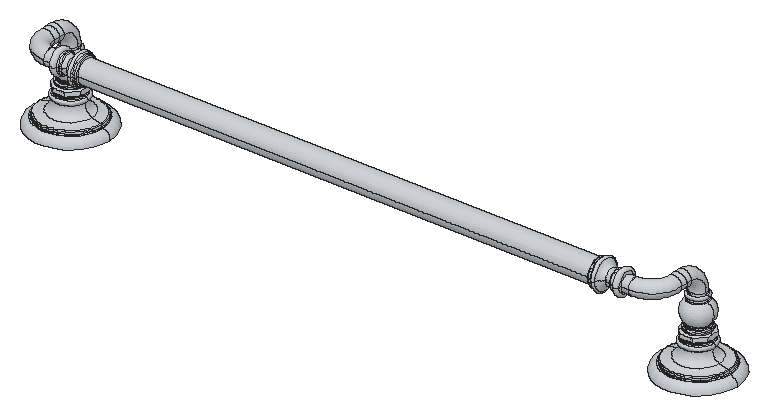
Revit family "Accessory-Towel_Bar-KOHLER-Artifacts-K-72568", category Specialty Equipment, host Face, Revit 2015 (continued)
Definition of nested family "K-72568"
  Automatic sketch dimensions
    Revolve 1 sketch curve to Revolve 1 sketch curve = 0.24157"
    Revolve 1 sketch curve to Revolve 1 sketch curve = 0.10532"
    Revolve 1 sketch curve to Revolve 1 sketch curve = 0.09192"
    Revolve 1 sketch curve to Revolve 1 sketch curve = 0.06202"
    Revolve 1 sketch curve to Revolve 1 sketch curve = 0.05268"
    Revolve 1 sketch curve to Revolve 1 sketch curve = 0.06456"
    Revolve 1 sketch curve to Revolve 1 sketch curve = 0.07587"
    Revolve 1 sketch curve to Revolve 1 sketch curve = 0.08347"
    Revolve 1 sketch curve to Revolve 1 sketch curve = 0.06131"
    Revolve 1 sketch curve to Revolve 1 sketch curve = 0.04276"
    Revolve 1 sketch curve to Revolve 1 sketch curve = 0.42407"
    Revolve 1 sketch curve to Revolve 1 sketch curve = 0.40824"
    Revolve 1 sketch curve to Revolve 1 sketch curve = 0.43783"
    Revolve 1 sketch curve to Revolve 1 sketch curve = 0.08395"
    Revolve 1 sketch curve to Revolve 1 sketch curve = 0.05126"
    Revolve 1 sketch curve to Revolve 1 sketch curve = 0"  (x4)
    Revolve 1 sketch curve to Revolve 1 sketch curve = 0.02262"
    level to Revolve 1 sketch curve = 0.1926"
    Sweep 2 sketch curve to plane 6 "B" = 0"
    plane 4 to Sweep 2 sketch curve = 0"
    plane 4 to Sweep 2 sketch curve = 211/256"
    Sweep 2 sketch curve to Sweep 2 sketch curve = 1/4"
    Sweep 2 sketch curve to Sweep 2 sketch curve = 0.3057"
    Sweep 2 sketch curve to profile plane = 0"  (x2)
    plane 4 to Revolve 3 sketch curve = 0"
    Revolve 3 sketch curve to plane 4 = 0.29625"
    Revolve 3 sketch curve to Revolve 3 sketch curve = 0.04499"
    Revolve 3 sketch curve to plane 4 = 0.34123"
    Revolve 3 sketch curve to Revolve 3 sketch curve = 0.07453"
    Revolve 3 sketch curve to Revolve 3 sketch curve = 0.02954"
    Revolve 3 sketch curve to Revolve 3 sketch curve = 0.01009"  (x2)
    Revolve 3 sketch curve to Revolve 3 sketch curve = 0.03018"  (x2)
    Revolve 3 sketch curve to plane 4 = 0.43409"
    Revolve 3 sketch curve to Revolve 3 sketch curve = 0.05281"  (x2)
    Revolve 3 sketch curve to Revolve 3 sketch curve = 0.02977"  (x2)
    Revolve 3 sketch curve to Revolve 3 sketch curve = 0.00746"  (x2)
    Revolve 3 sketch curve to Revolve 3 sketch curve = 0.13506"  (x2)
    Revolve 3 sketch curve to Revolve 3 sketch curve = 0.05903"  (x2)
    Revolve 3 sketch curve to Revolve 3 sketch curve = 0.05494"  (x2)
    plane 7 "C" to Revolve 3 sketch curve = 1.12992"
    Revolve 3 sketch curve to Revolve 3 sketch curve = 0.10662"
    Revolve 3 sketch curve to Revolve 3 sketch curve = 0.10636"  (x2)
    Revolve 3 sketch curve to Revolve 3 sketch curve = 0.1081"  (x2)
    Revolve 3 sketch curve to Revolve 3 sketch curve = 0.07388"
    Revolve 3 sketch curve to Revolve 3 sketch curve = 0.01339"  (x2)
    Revolve 3 sketch curve to Revolve 3 sketch curve = 0.34683"  (x2)
    Revolve 3 sketch curve to Revolve 3 sketch curve = 0.10942"  (x2)
    Revolve 3 sketch curve to Revolve 3 sketch curve = 0.08218"  (x2)
    Revolve 3 sketch curve to plane 6 "B" = 2.2126"
    Revolve 3 sketch curve to Revolve 3 sketch curve = 0.08727"
    Revolve 3 sketch curve to Revolve 3 sketch curve = 0.10614"
    Revolve 3 sketch curve to Revolve 3 sketch curve = 0.10769"  (x2)
    Revolve 3 sketch curve to Revolve 3 sketch curve = 0"  (x7)
    Revolve 3 sketch curve to Revolve 3 sketch curve = 0.0928"
    plane 1 "Center (Front/Back)" to Extrusion 4 sketch curve = 0"
    Extrusion 4 sketch curve to plane 6 "B" = 0"
    plane 6 "B" to Extrusion 4 sketch curve = 0.233"  (x2)
    Extrusion 4 sketch curve to plane 1 "Center (Front/Back)" = 0.233"  (x2)
    Extrusion 4 sketch curve to Extrusion 4 sketch curve = 0.3295"  (x4)
    Extrusion 4 sketch curve to plane 6 "B" = 0.233"  (x2)
    plane 1 "Center (Front/Back)" to Extrusion 4 sketch curve = 0.233"  (x2)
    Masking region 2 sketch curve to level = 0"
    Masking region 2 sketch curve to plane 5 = 0"
    Masking region 2 sketch curve to plane 1 "Center (Front/Back)" = 0"
    Masking region 2 sketch curve to plane 4 = 0"
    Masking region 2 sketch curve to plane 8 "A" = 0"
    plane 5 to Masking region 2 sketch curve = 0.18913"
    plane 5 to Masking region 2 sketch curve = 0.1897"
    plane 5 to Masking region 2 sketch curve = 0.28685"
    Masking region 2 sketch curve to Masking region 2 sketch curve = 0.31389"  (x2)
    Masking region 2 sketch curve to Masking region 2 sketch curve = 9/256"  (x2)
    Masking region 2 sketch curve to Masking region 2 sketch curve = 0.03045"  (x2)
    Masking region 2 sketch curve to Masking region 2 sketch curve = 0.3762"
    Masking region 2 sketch curve to Masking region 2 sketch curve = 0.32123"  (x2)
    Masking region 2 sketch curve to Masking region 2 sketch curve = 0.02674"  (x2)
    Masking region 2 sketch curve to Masking region 2 sketch curve = 0.02513"
    Masking region 2 sketch curve to Masking region 2 sketch curve = 0.0079"
    Masking region 2 sketch curve to Masking region 2 sketch curve = 0.04476"  (x2)
    Masking region 2 sketch curve to Masking region 2 sketch curve = 0.03174"  (x2)
    Masking region 2 sketch curve to Masking region 2 sketch curve = 0.01913"  (x2)
    Masking region 2 sketch curve to Masking region 2 sketch curve = 0.06266"
    Masking region 2 sketch curve to Masking region 2 sketch curve = 0.0077"  (x2)
    Masking region 2 sketch curve to Masking region 2 sketch curve = 0.02964"  (x2)
    Masking region 2 sketch curve to Masking region 2 sketch curve = 0.0311"
    Masking region 2 sketch curve to Masking region 2 sketch curve = 0.00814"
    Masking region 2 sketch curve to Masking region 2 sketch curve = 0.03611"  (x2)
    plane 1 "Center (Front/Back)" to Masking region 2 sketch curve = 0.4132"
    Masking region 2 sketch curve to Masking region 2 sketch curve = 1/32"  (x3)
    Masking region 2 sketch curve to Masking region 2 sketch curve = 15/256"  (x2)
    Masking region 2 sketch curve to Masking region 2 sketch curve = 0.00747"  (x2)
    Masking region 2 sketch curve to Masking region 2 sketch curve = 0.05104"
    plane 1 "Center (Front/Back)" to Masking region 2 sketch curve = 0.10942"
    Masking region 2 sketch curve to plane 1 "Center (Front/Back)" = 0.10942"
    Masking region 2 sketch curve to plane 1 "Center (Front/Back)" = 0.29625"
    Masking region 2 sketch curve to Masking region 2 sketch curve = 0.05089"
    Masking region 2 sketch curve to plane 1 "Center (Front/Back)" = 0.39368"
    Masking region 2 sketch curve to Masking region 2 sketch curve = 0.02797"
    Masking region 2 sketch curve to Masking region 2 sketch curve = 0.00145"
    Masking region 2 sketch curve to Masking region 2 sketch curve = 0.01179"
    Masking region 2 sketch curve to Masking region 2 sketch curve = 0.02383"
    Masking region 2 sketch curve to Masking region 2 sketch curve = 0.35109"
    Masking region 2 sketch curve to Masking region 2 sketch curve = 0.00319"
    Masking region 2 sketch curve to Masking region 2 sketch curve = 0.21286"
    Masking region 2 sketch curve to Masking region 2 sketch curve = 0.00812"
    plane 4 to Masking region 2 sketch curve = 0.68783"
    Masking region 2 sketch curve to Masking region 2 sketch curve = 0.13288"
    plane 4 to Masking region 2 sketch curve = 0.5056"  (x2)
    plane 8 "A" to Masking region 2 sketch curve = 0.29623"
    level to Masking region 2 sketch curve = 0.35339"  (x2)
    Masking region 2 sketch curve to Masking region 2 sketch curve = 0.05831"  (x2)
    Masking region 2 sketch curve to Masking region 2 sketch curve = 0.22284"  (x2)
    Masking region 2 sketch curve to Masking region 2 sketch curve = 0.24157"  (x2)
    Masking region 2 sketch curve to Masking region 2 sketch curve = 0.10532"  (x2)
    Masking region 2 sketch curve to Masking region 2 sketch curve = 0.09192"  (x2)
    Masking region 2 sketch curve to Masking region 2 sketch curve = 0.06202"  (x2)
    Masking region 2 sketch curve to Masking region 2 sketch curve = 0.05268"  (x2)
    Masking region 2 sketch curve to Masking region 2 sketch curve = 0.01367"  (x2)
    Masking region 2 sketch curve to Masking region 2 sketch curve = 0.18124"  (x2)
    Masking region 2 sketch curve to Masking region 2 sketch curve = 0.03618"  (x2)
    Masking region 2 sketch curve to Masking region 2 sketch curve = 0.06131"  (x2)
    Masking region 2 sketch curve to Masking region 2 sketch curve = 0.04276"  (x2)
    Masking region 2 sketch curve to Masking region 2 sketch curve = 0.37679"  (x2)
    Masking region 2 sketch curve to Masking region 2 sketch curve = 0.40824"
    Masking region 2 sketch curve to Masking region 2 sketch curve = 0"  (x11)
    Masking region 2 sketch curve to Masking region 2 sketch curve = 0.43783"  (x2)
    Masking region 2 sketch curve to Masking region 2 sketch curve = 0.08395"  (x2)
    Masking region 2 sketch curve to Masking region 2 sketch curve = 0.05126"  (x2)
    Masking region 2 sketch curve to Masking region 2 sketch curve = 0.08236"
    Masking region 2 sketch curve to Masking region 2 sketch curve = 0.08523"
    Masking region 2 sketch curve to Masking region 2 sketch curve = 0.02262"
    Masking region 2 sketch curve to Masking region 2 sketch curve = 0.00027"
    Revolve 5 sketch curve to level = 0"  (x2)
    plane 6 "B" to Revolve 5 sketch curve = 0"  (x2)
    Revolve 5 sketch curve to Revolve 5 sketch curve = 0.29529"
    Revolve 5 sketch curve to Revolve 5 sketch curve = 0.12965"
    Revolve 5 sketch curve to Revolve 5 sketch curve = 1.50093"
    Revolve 5 sketch curve to plane 8 "A" = 0.78472"
    Revolve 5 sketch curve to Revolve 5 sketch curve = 0.34794"
    Revolve 5 sketch curve to Revolve 5 sketch curve = 1/2"
    Revolve 7 sketch curve to level = 0"  (x2)
    plane 7 "C" to Revolve 7 sketch curve = 0"  (x2)
    Revolve 7 sketch curve to Revolve 7 sketch curve = 0.29529"
    Revolve 7 sketch curve to Revolve 7 sketch curve = 0.12965"
    Revolve 7 sketch curve to Revolve 7 sketch curve = 1.50093"
    plane 8 "A" to Revolve 7 sketch curve = 0.78472"
    Revolve 7 sketch curve to Revolve 7 sketch curve = 0.36863"
    Revolve 7 sketch curve to level = 1/2"
    Sweep 8 sketch curve to plane 8 "A" = 0"
    Sweep 8 sketch curve to plane 1 "Center (Front/Back)" = 0"
    Sweep 8 sketch curve to Sweep 8 sketch curve = 179/256"
    Sweep 8 sketch curve to Sweep 8 sketch curve = 0.0855"
    Sweep 8 sketch curve to Sweep 8 sketch curve = 0.22563"
    Sweep 8 sketch curve to plane 6 "B" = 0"
    Sweep 8 sketch curve to profile plane = 0"
    curve 134 to curve 135 = 0"  (x2)
    curve 132 to plane 4 = 0"
    curve 135 to plane 8 "A" = 0"
    curve 132 to curve 134 = 0.29623"
    curve 134 to curve 135 = 0.4028"
    curve 135 to curve 132 = 0.1028"
    curve 135 to curve 133 = 0.1028"
    Sweep 9 sketch curve to plane 8 "A" = 0"
    Sweep 9 sketch curve to plane 1 "Center (Front/Back)" = 0"
    Sweep 9 sketch curve to Sweep 9 sketch curve = 179/256"
    Sweep 9 sketch curve to Sweep 9 sketch curve = 0.0855"
    Sweep 9 sketch curve to Sweep 9 sketch curve = 0.22563"
    Sweep 9 sketch curve to plane 7 "C" = 0"
    Sweep 9 sketch curve to profile plane = 0"
    Sweep 10 sketch curve to plane 7 "C" = 0"
    plane 4 to Sweep 10 sketch curve = 0"
    Sweep 10 sketch curve to plane 4 = 211/256"
    Sweep 10 sketch curve to Sweep 10 sketch curve = 1/4"
    Sweep 10 sketch curve to Sweep 10 sketch curve = 0.3057"
    Sweep 10 sketch curve to plane 8 "A" = 0"
    Sweep 10 sketch curve to profile plane = 0"
    Revolve 11 sketch curve to level = 0"  (x2)
    plane 7 "C" to Revolve 11 sketch curve = 0"  (x2)
    Revolve 11 sketch curve to plane 7 "C" = 0.10942"
    Revolve 11 sketch curve to plane 7 "C" = 0.34714"
    Revolve 11 sketch curve to Revolve 11 sketch curve = 0.00747"
    Revolve 11 sketch curve to plane 7 "C" = 0.39368"
    Revolve 11 sketch curve to Revolve 11 sketch curve = 15/256"
    Revolve 11 sketch curve to Revolve 11 sketch curve = 1/32"  (x2)
    Revolve 11 sketch curve to Revolve 11 sketch curve = 0.02797"
    Revolve 11 sketch curve to Revolve 11 sketch curve = 0.03611"
    Revolve 11 sketch curve to Revolve 11 sketch curve = 0.00145"
    Revolve 11 sketch curve to Revolve 11 sketch curve = 0.0311"
    Revolve 11 sketch curve to Revolve 11 sketch curve = 0.0077"
    Revolve 11 sketch curve to Revolve 11 sketch curve = 0.01179"
    Revolve 11 sketch curve to Revolve 11 sketch curve = 0.04174"
    Revolve 11 sketch curve to Revolve 11 sketch curve = 0.00123"
    Revolve 11 sketch curve to Revolve 11 sketch curve = 0.04476"
    Revolve 11 sketch curve to Revolve 11 sketch curve = 0.02674"
    Revolve 11 sketch curve to Revolve 11 sketch curve = 0.09104"
    Revolve 11 sketch curve to Revolve 11 sketch curve = 0.32123"
    Revolve 11 sketch curve to Revolve 11 sketch curve = 0.21286"
    Revolve 11 sketch curve to Revolve 11 sketch curve = 0.03045"
    Revolve 11 sketch curve to Revolve 11 sketch curve = 0.00812"
    Revolve 11 sketch curve to Revolve 11 sketch curve = 9/256"
    Revolve 11 sketch curve to Revolve 11 sketch curve = 0.66683"
    Revolve 11 sketch curve to Revolve 11 sketch curve = 0.13288"
    Revolve 11 sketch curve to Revolve 11 sketch curve = 0.31389"
    Revolve 11 sketch curve to level = 0.35339"
    Revolve 11 sketch curve to Revolve 11 sketch curve = 0.05831"
    Revolve 11 sketch curve to Revolve 11 sketch curve = 0.22284"
    Revolve 11 sketch curve to Revolve 11 sketch curve = 0.24157"
    Revolve 11 sketch curve to Revolve 11 sketch curve = 0.10532"
    Revolve 11 sketch curve to Revolve 11 sketch curve = 0.09192"
    Revolve 11 sketch curve to Revolve 11 sketch curve = 0.06202"
    Revolve 11 sketch curve to Revolve 11 sketch curve = 0.05268"
    Revolve 11 sketch curve to Revolve 11 sketch curve = 0.06456"
    Revolve 11 sketch curve to Revolve 11 sketch curve = 0.07587"
    Revolve 11 sketch curve to Revolve 11 sketch curve = 0.08347"
    Revolve 11 sketch curve to Revolve 11 sketch curve = 0.06131"
    Revolve 11 sketch curve to Revolve 11 sketch curve = 0.04276"
    Revolve 11 sketch curve to Revolve 11 sketch curve = 0.42407"
    Revolve 11 sketch curve to Revolve 11 sketch curve = 0.40824"
    Revolve 11 sketch curve to Revolve 11 sketch curve = 0.43783"
    Revolve 11 sketch curve to Revolve 11 sketch curve = 0.08395"
    Revolve 11 sketch curve to Revolve 11 sketch curve = 0.05126"
    Revolve 11 sketch curve to Revolve 11 sketch curve = 0"  (x4)
    Revolve 11 sketch curve to Revolve 11 sketch curve = 0.02262"
    Revolve 11 sketch curve to level = 0.1926"
    plane 1 "Center (Front/Back)" to Extrusion 12 sketch curve = 0"
    Extrusion 12 sketch curve to plane 7 "C" = 0"
    plane 7 "C" to Extrusion 12 sketch curve = 0.233"  (x2)
    plane 1 "Center (Front/Back)" to Extrusion 12 sketch curve = 0.233"  (x2)
    Extrusion 12 sketch curve to Extrusion 12 sketch curve = 0.3295"  (x4)
    Extrusion 12 sketch curve to plane 7 "C" = 0.233"  (x2)
    Extrusion 12 sketch curve to plane 1 "Center (Front/Back)" = 0.233"  (x2)
    plane 1 "Center (Front/Back)" to Masking region 3 sketch curve = 0"
    Masking region 3 sketch curve to plane 7 "C" = 0"
    plane 7 "C" to Masking region 3 sketch curve = 0.82389"
    Masking region 3 sketch curve to Masking region 3 sketch curve = 0.00164"  (x2)
    Masking region 3 sketch curve to Masking region 3 sketch curve = 0.30603"
    Masking region 3 sketch curve to Masking region 3 sketch curve = 0.30439"
    Masking region 3 sketch curve to Masking region 3 sketch curve = 0.10662"  (x4)
    Masking region 3 sketch curve to Masking region 3 sketch curve = 0.10614"  (x4)
    Masking region 3 sketch curve to Masking region 3 sketch curve = 0.10636"  (x4)
    Masking region 3 sketch curve to Masking region 3 sketch curve = 0.1081"  (x4)
    Masking region 3 sketch curve to Masking region 3 sketch curve = 0.07388"  (x2)
    Masking region 3 sketch curve to Masking region 3 sketch curve = 0.01339"  (x4)
    Masking region 3 sketch curve to Masking region 3 sketch curve = 0.34683"  (x4)
    Masking region 3 sketch curve to Masking region 3 sketch curve = 0.10942"  (x4)
    Masking region 3 sketch curve to Masking region 3 sketch curve = 0.08218"  (x4)
    Masking region 3 sketch curve to Masking region 3 sketch curve = 0.02977"  (x4)
    plane 4 to Masking region 3 sketch curve = 0.43409"
    Masking region 3 sketch curve to plane 6 "B" = 2.2126"
    Masking region 3 sketch curve to Masking region 3 sketch curve = 0"  (x17)
    Masking region 3 sketch curve to Masking region 3 sketch curve = 0.08727"  (x2)
    Masking region 3 sketch curve to Masking region 3 sketch curve = 0.30445"
    Masking region 3 sketch curve to Masking region 3 sketch curve = 0.00138"
    Masking region 3 sketch curve to Masking region 3 sketch curve = 0.36203"
    plane 6 "B" to Masking region 3 sketch curve = 0.00029"
    Masking region 3 sketch curve to plane 1 "Center (Front/Back)" = 0.0002"
    plane 4 to Masking region 3 sketch curve = 0.82634"
    plane 4 to Masking region 3 sketch curve = 0.82554"
    Masking region 3 sketch curve to Masking region 3 sketch curve = 0.00408"
    plane 4 to Masking region 3 sketch curve = 0.60104"  (x2)
    Masking region 3 sketch curve to Masking region 3 sketch curve = 0.1416"  (x2)
    Masking region 3 sketch curve to Masking region 3 sketch curve = 0.05494"  (x4)
    Masking region 3 sketch curve to Masking region 3 sketch curve = 0.05157"  (x2)
    Masking region 3 sketch curve to Masking region 3 sketch curve = 0.05903"  (x3)
    Masking region 3 sketch curve to Masking region 3 sketch curve = 0.08257"
    Masking region 3 sketch curve to Masking region 3 sketch curve = 0.13506"  (x4)
    Masking region 3 sketch curve to Masking region 3 sketch curve = 0.03018"  (x4)
    Masking region 3 sketch curve to Masking region 3 sketch curve = 0.03963"  (x2)
    Masking region 3 sketch curve to Masking region 3 sketch curve = 0.07477"
    plane 4 to Masking region 3 sketch curve = 0.29529"
    Masking region 3 sketch curve to plane 4 = 0.29529"
    Masking region 3 sketch curve to plane 4 = 0.29626"
    Masking region 3 sketch curve to Masking region 3 sketch curve = 0.04595"
    Masking region 3 sketch curve to Masking region 3 sketch curve = 0.04497"
    Masking region 3 sketch curve to Masking region 3 sketch curve = 0.07451"
    Masking region 3 sketch curve to Masking region 3 sketch curve = 0.07549"
    Masking region 3 sketch curve to plane 4 = 0.43409"
    Masking region 3 sketch curve to Masking region 3 sketch curve = 0.05281"  (x2)
    Masking region 3 sketch curve to Masking region 3 sketch curve = 0.00746"  (x2)
    plane 7 "C" to Masking region 3 sketch curve = 0.3751"
    Masking region 3 sketch curve to plane 6 "B" = 0.37563"
    curve 68 to curve 69 = 0"  (x2)
    curve 93 to curve 94 = 0"  (x2)
    plane 1 "Center (Front/Back)" to curve 66 = 0"
    plane 1 "Center (Front/Back)" to curve 68 = 0"
    plane 1 "Center (Front/Back)" to curve 70 = 0"
    curve 70 to plane 6 "B" = 0"
    plane 1 "Center (Front/Back)" to curve 91 = 0"
    plane 1 "Center (Front/Back)" to curve 95 = 0"
    curve 95 to plane 7 "C" = 0"
    plane 1 "Center (Front/Back)" to curve 93 = 0"
    curve 67 to plane 1 "Center (Front/Back)" = 0"
    plane 6 "B" to curve 67 = 0.00004"
    curve 69 to curve 67 = 0"
    curve 66 to curve 68 = 0"
    plane 6 "B" to curve 73 = 0.233"
    plane 6 "B" to curve 64 = 0.29529"
    plane 1 "Center (Front/Back)" to curve 72 = 0.233"
    curve 72 to curve 66 = 0.26721"
    curve 79 to plane 1 "Center (Front/Back)" = 0.233"
    curve 79 to curve 67 = 0.26721"
    curve 78 to plane 6 "B" = 0.233"
    plane 1 "Center (Front/Back)" to curve 76 = 0.233"
    curve 66 to curve 76 = 0.2673"
    curve 82 to plane 1 "Center (Front/Back)" = 0.233"
    curve 67 to curve 82 = 0.2673"
    curve 65 to curve 109 = 0.32333"
    curve 109 to curve 108 = 0.19843"
    plane 7 "C" to curve 110 = 0.81696"
    curve 110 to curve 111 = 0.19843"
    plane 1 "Center (Front/Back)" to curve 100 = 0.233"
    plane 7 "C" to curve 100 = 9/16"
    curve 107 to plane 1 "Center (Front/Back)" = 0.233"
    curve 107 to curve 100 = 0"
    curve 90 to curve 95 = 0.2952"
    plane 7 "C" to curve 103 = 0.233"
    curve 92 to plane 1 "Center (Front/Back)" = 0"
    curve 92 to plane 7 "C" = 0.00004"
    curve 92 to curve 93 = 0"
    curve 93 to curve 91 = 0"
    curve 98 to plane 7 "C" = 0.233"
    plane 1 "Center (Front/Back)" to curve 97 = 0.233"
    curve 89 to curve 97 = 0.26721"
    curve 104 to plane 1 "Center (Front/Back)" = 0.233"
    curve 92 to curve 104 = 0.26721"
    curve 98 to curve 96 = 0.3295"
    curve 74 to curve 71 = 0.3295"
    curve 73 to curve 78 = 0"
    curve 102 to curve 98 = 0"
    plane 4 to curve 108 = 0.82323"
    plane 4 to curve 110 = 0.82323"
    curve 110 to curve 111 = 0.02925"
    curve 108 to curve 64 = 0.02925"
    curve 73 to curve 73 = 0.07775"
    plane 6 "B" to curve 109 = 0.25313"
    curve 74 to curve 73 = 0.05495"
    curve 80 to plane 1 "Center (Front/Back)" = 0.28791"
    plane 1 "Center (Front/Back)" to curve 72 = 0.28791"
    curve 77 to curve 78 = 0.05506"
    curve 108 to curve 108 = 0.0799"
    curve 82 to plane 1 "Center (Front/Back)" = 0.2881"
    plane 1 "Center (Front/Back)" to curve 76 = 0.2881"
    curve 58 to plane 4 = 0.29625"
    curve 58 to plane 6 "B" = 1.12992"
    curve 58 to curve 59 = 0.21276"
    curve 59 to curve 60 = 0.13965"
    curve 60 to curve 61 = 0.44834"
    curve 61 to curve 62 = 0.11659"
    curve 62 to curve 63 = 0.16534"
    curve 88 to plane 4 = 0.43409"
    curve 88 to curve 110 = 1.39563"
    curve 88 to curve 87 = 0.16534"
    curve 87 to curve 86 = 0.11659"
    curve 86 to curve 85 = 0.44834"
    curve 85 to curve 84 = 0.13965"
    curve 84 to curve 83 = 0.21276"
    plane 1 "Center (Front/Back)" to curve 101 = 0.2881"
    curve 100 to curve 101 = 0.0551"
    curve 107 to plane 1 "Center (Front/Back)" = 0.2881"
    curve 110 to curve 90 = 0.0799"
    curve 103 to curve 102 = 0.05506"
    curve 111 to plane 7 "C" = 0.25313"
    curve 98 to curve 99 = 0.05495"
    plane 1 "Center (Front/Back)" to curve 97 = 0.28791"
    curve 105 to plane 1 "Center (Front/Back)" = 0.28791"
    curve 67 to curve 80 = 0.01872"
    curve 92 to curve 105 = 0.01872"
    curve 93 to curve 94 = 0.07532"
    curve 68 to curve 69 = 0.07532"
    curve 70 to curve 64 = 0.06427"
    curve 95 to curve 89 = 0.06427"
    plane 4 to curve 62 = 0.55053"
    plane 4 to curve 87 = 0.55053"
    curve 62 to curve 61 = 0.01347"
    curve 87 to curve 86 = 0.01347"
    curve 87 to curve 88 = 0.11644"
    curve 62 to curve 63 = 0.11644"
    plane 4 to curve 84 = 0.38086"
    plane 4 to curve 59 = 0.38086"
    curve 59 to curve 60 = 0.01813"
    curve 84 to curve 85 = 0.01813"
    curve 59 to curve 58 = 0.08461"
    curve 84 to curve 83 = 0.08558"
    curve 83 to plane 4 = 0.29529"
    curve 83 to curve 85 = 0.06745"
    curve 58 to curve 60 = 0.06648"
    curve 85 to curve 84 = 0.01813"
    curve 60 to curve 59 = 0.01813"
    curve 63 to plane 4 = 0.43409"
    curve 63 to curve 61 = 0.10296"
    curve 88 to curve 86 = 0.10296"
    curve 61 to curve 62 = 0.01347"
    curve 86 to curve 87 = 0.01347"
    Masking region 1 sketch curve to level = 0"  (x2)
    Masking region 1 sketch curve to plane 8 "A" = 0"  (x2)
    plane 6 "B" to Masking region 1 sketch curve = 0"
    plane 7 "C" to Masking region 1 sketch curve = 0"  (x2)
    plane 6 "B" to Masking region 1 sketch curve = 0.10942"
    Masking region 1 sketch curve to Masking region 1 sketch curve = 0.29625"
    Masking region 1 sketch curve to Masking region 1 sketch curve = 0.05089"  (x3)
    Masking region 1 sketch curve to Masking region 1 sketch curve = 0.00747"  (x4)
    plane 6 "B" to Masking region 1 sketch curve = 0.39368"
    Masking region 1 sketch curve to Masking region 1 sketch curve = 15/256"  (x4)
    Masking region 1 sketch curve to Masking region 1 sketch curve = 1/32"  (x8)
    Masking region 1 sketch curve to Masking region 1 sketch curve = 0.02797"  (x3)
    Masking region 1 sketch curve to Masking region 1 sketch curve = 0.03611"  (x4)
    Masking region 1 sketch curve to Masking region 1 sketch curve = 0.00145"  (x3)
    Masking region 1 sketch curve to Masking region 1 sketch curve = 0.0311"  (x2)
    Masking region 1 sketch curve to Masking region 1 sketch curve = 0.0077"  (x4)
    Masking region 1 sketch curve to Masking region 1 sketch curve = 0.01179"  (x3)
    Masking region 1 sketch curve to Masking region 1 sketch curve = 0.02115"  (x3)
    Masking region 1 sketch curve to Masking region 1 sketch curve = 11/256"  (x3)
    Masking region 1 sketch curve to Masking region 1 sketch curve = 0.06266"  (x4)
    Masking region 1 sketch curve to Masking region 1 sketch curve = 0.04476"  (x3)
    Masking region 1 sketch curve to Masking region 1 sketch curve = 0.02674"  (x4)
    Masking region 1 sketch curve to Masking region 1 sketch curve = 0.32123"  (x4)
    Masking region 1 sketch curve to Masking region 1 sketch curve = 0.21286"  (x3)
    Masking region 1 sketch curve to Masking region 1 sketch curve = 0.03045"  (x4)
    Masking region 1 sketch curve to Masking region 1 sketch curve = 0.00812"  (x3)
    Masking region 1 sketch curve to Masking region 1 sketch curve = 9/256"  (x4)
    Masking region 1 sketch curve to Masking region 1 sketch curve = 0.74873"  (x3)
    Masking region 1 sketch curve to Masking region 1 sketch curve = 0.13288"  (x3)
    Masking region 1 sketch curve to Masking region 1 sketch curve = 0.31389"  (x4)
    Masking region 1 sketch curve to plane 6 "B" = 0.00096"
    Masking region 1 sketch curve to plane 6 "B" = 0.10942"
    Masking region 1 sketch curve to plane 6 "B" = 0.29625"
    Masking region 1 sketch curve to plane 6 "B" = 0.39368"
    Masking region 1 sketch curve to Masking region 1 sketch curve = 0.02964"  (x2)
    Masking region 1 sketch curve to plane 8 "A" = 0.29625"  (x2)
    Masking region 1 sketch curve to Masking region 1 sketch curve = 0.83367"
    plane 8 "A" to Masking region 1 sketch curve = 0.37077"
    Masking region 1 sketch curve to Masking region 1 sketch curve = 0"  (x37)
    Masking region 1 sketch curve to Masking region 1 sketch curve = 0.10662"  (x4)
    Masking region 1 sketch curve to Masking region 1 sketch curve = 0.10614"  (x4)
    Masking region 1 sketch curve to Masking region 1 sketch curve = 0.10636"  (x4)
    Masking region 1 sketch curve to Masking region 1 sketch curve = 0.1081"  (x4)
    Masking region 1 sketch curve to Masking region 1 sketch curve = 0.07388"  (x2)
    Masking region 1 sketch curve to Masking region 1 sketch curve = 0.01339"  (x4)
    Masking region 1 sketch curve to Masking region 1 sketch curve = 0.34683"  (x4)
    Masking region 1 sketch curve to Masking region 1 sketch curve = 0.10942"  (x4)
    Masking region 1 sketch curve to Masking region 1 sketch curve = 0.08218"  (x4)
    Masking region 1 sketch curve to Masking region 1 sketch curve = 0.02977"  (x4)
    plane 8 "A" to Masking region 1 sketch curve = 0.4869"
    plane 7 "C" to Masking region 1 sketch curve = 2.2126"
    Masking region 1 sketch curve to Masking region 1 sketch curve = 0.08727"  (x2)
    plane 7 "C" to Masking region 1 sketch curve = 1.50093"
    Masking region 1 sketch curve to Masking region 1 sketch curve = 0.18913"
    Masking region 1 sketch curve to Masking region 1 sketch curve = 0.31978"
    Masking region 1 sketch curve to Masking region 1 sketch curve = 0.09772"
    Masking region 1 sketch curve to Masking region 1 sketch curve = 0.3762"
    Masking region 1 sketch curve to Masking region 1 sketch curve = 0.02513"
    Masking region 1 sketch curve to Masking region 1 sketch curve = 0.0079"
    Masking region 1 sketch curve to Masking region 1 sketch curve = 3/256"
    Masking region 1 sketch curve to Masking region 1 sketch curve = 0.02972"
    Masking region 1 sketch curve to Masking region 1 sketch curve = 0.03734"
    Masking region 1 sketch curve to Masking region 1 sketch curve = 0.00814"
    plane 7 "C" to Masking region 1 sketch curve = 0.4132"
    Masking region 1 sketch curve to Masking region 1 sketch curve = 0.05088"
    plane 7 "C" to Masking region 1 sketch curve = 0.10942"
    plane 7 "C" to Masking region 1 sketch curve = 0.00096"
    Masking region 1 sketch curve to plane 7 "C" = 0.10942"
    Masking region 1 sketch curve to plane 7 "C" = 0.29625"
    Masking region 1 sketch curve to plane 7 "C" = 0.39368"
    level to Masking region 1 sketch curve = 0.35339"  (x4)
    Masking region 1 sketch curve to Masking region 1 sketch curve = 0.05831"  (x4)
    Masking region 1 sketch curve to Masking region 1 sketch curve = 0.22284"  (x4)
    Masking region 1 sketch curve to Masking region 1 sketch curve = 0.24157"  (x4)
    Masking region 1 sketch curve to Masking region 1 sketch curve = 0.10532"  (x4)
    Masking region 1 sketch curve to Masking region 1 sketch curve = 0.09192"  (x4)
    Masking region 1 sketch curve to Masking region 1 sketch curve = 0.06202"  (x4)
    Masking region 1 sketch curve to Masking region 1 sketch curve = 0.05268"  (x4)
    Masking region 1 sketch curve to Masking region 1 sketch curve = 0.01241"  (x4)
    Masking region 1 sketch curve to Masking region 1 sketch curve = 0.18124"  (x4)
    Masking region 1 sketch curve to Masking region 1 sketch curve = 0.03618"  (x4)
    Masking region 1 sketch curve to Masking region 1 sketch curve = 0.06131"  (x4)
    Masking region 1 sketch curve to Masking region 1 sketch curve = 0.04276"  (x4)
    Masking region 1 sketch curve to Masking region 1 sketch curve = 0.37679"  (x4)
    Masking region 1 sketch curve to Masking region 1 sketch curve = 0.40824"  (x2)
    Masking region 1 sketch curve to Masking region 1 sketch curve = 0.43783"  (x4)
    Masking region 1 sketch curve to Masking region 1 sketch curve = 0.08395"  (x4)
    Masking region 1 sketch curve to Masking region 1 sketch curve = 0.05126"  (x4)
    Masking region 1 sketch curve to plane 8 "A" = 0.60104"
    Masking region 1 sketch curve to Masking region 1 sketch curve = 0.3048"
    Masking region 1 sketch curve to Masking region 1 sketch curve = 0.02535"  (x2)
    Masking region 1 sketch curve to Masking region 1 sketch curve = 0.05494"  (x4)
    Masking region 1 sketch curve to Masking region 1 sketch curve = 0.05157"  (x2)
    Masking region 1 sketch curve to Masking region 1 sketch curve = 0.05903"  (x4)
    Masking region 1 sketch curve to Masking region 1 sketch curve = 0.05281"  (x3)
    Masking region 1 sketch curve to Masking region 1 sketch curve = 0.13506"  (x4)
    Masking region 1 sketch curve to Masking region 1 sketch curve = 0.03018"  (x4)
    Masking region 1 sketch curve to Masking region 1 sketch curve = 0.03963"  (x3)
    Masking region 1 sketch curve to Masking region 1 sketch curve = 0.04499"
    Masking region 1 sketch curve to Masking region 1 sketch curve = 0.07453"
    Masking region 1 sketch curve to Masking region 1 sketch curve = 0.00746"  (x2)
    Masking region 1 sketch curve to Masking region 1 sketch curve = 0.02262"  (x3)
    plane 6 "B" to curve 122 = 0"
    plane 6 "B" to curve 7 = 0"
    plane 6 "B" to curve 3 = 0"
    curve 122 to plane 8 "A" = 0"
    curve 136 to plane 8 "A" = 0"
    plane 7 "C" to curve 24 = 0"
    plane 7 "C" to curve 20 = 0"
    plane 6 "B" to curve 9 = 0.233"
    curve 5 to curve 9 = 0.3295"
    curve 10 to plane 6 "B" = 0.233"
    curve 122 to curve 115 = 0.29625"
    plane 7 "C" to curve 27 = 0.233"
    plane 7 "C" to curve 137 = 0"
    curve 26 to plane 7 "C" = 0.233"
    curve 20 to curve 22 = 0.3295"
    curve 20 to plane 8 "A" = 1.38893"
    curve 3 to plane 8 "A" = 1.38893"
    curve 9 to curve 3 = 0.68786"
    curve 26 to curve 20 = 0.68786"
    curve 26 to curve 24 = 0.12162"
    curve 9 to curve 7 = 0.12162"
    curve 5 to curve 9 = 0"
    curve 22 to curve 20 = 0"
    level to curve 7 = 0.42217"
    level to curve 24 = 0.42217"
    plane 6 "B" to curve 114 = 0.29625"
    curve 113 to curve 114 = 0.05836"
    curve 113 to curve 112 = 0"  (x2)
    curve 17 to curve 6 = 0.16069"
    curve 6 to curve 7 = 0.39775"
    curve 12 to curve 17 = 1/32"
    curve 11 to curve 6 = 0.06475"
    curve 5 to curve 13 = 0.01962"
    curve 5 to curve 1 = 0.01551"
    curve 6 to curve 11 = 0.10001"
    curve 14 to curve 13 = 0.06208"
    curve 15 to curve 6 = 0.7542"
    curve 16 to curve 15 = 0.05059"
    curve 122 to plane 6 "B" = 0.00096"
    curve 114 to plane 6 "B" = 0.29625"
    curve 114 to curve 112 = 0.05836"
    curve 10 to curve 17 = 0.16069"
    curve 8 to plane 6 "B" = 0.39775"
    curve 2 to plane 6 "B" = 0.39775"
    curve 17 to curve 12 = 1/32"
    curve 8 to curve 11 = 0.06475"
    curve 2 to curve 13 = 0.14513"
    curve 13 to curve 1 = 0.00411"
    curve 11 to curve 8 = 0.10001"
    curve 1 to curve 2 = 0.01551"
    curve 13 to curve 14 = 0.06208"
    curve 116 to plane 8 "A" = 0.29625"
    curve 115 to curve 116 = 0.83367"
    curve 8 to curve 15 = 0.7542"
    curve 15 to curve 16 = 0.05059"
    curve 116 to curve 117 = 0.21276"
    curve 117 to curve 121 = 0.13965"
    curve 121 to curve 118 = 0.44834"
    curve 118 to curve 119 = 0.11659"
    curve 119 to curve 120 = 0.16534"
    plane 8 "A" to curve 130 = 0.43409"
    plane 7 "C" to curve 130 = 2.2126"
    curve 130 to curve 129 = 0.16534"
    curve 129 to curve 128 = 0.11659"
    curve 128 to curve 131 = 0.44834"
    curve 131 to curve 127 = 0.13965"
    level to curve 33 = 0.32019"
    plane 7 "C" to curve 33 = 1.20254"
    curve 33 to curve 32 = 0.05059"
    curve 127 to curve 126 = 0.21276"
    curve 31 to curve 19 = 0.37196"
    curve 31 to curve 19 = 0.04246"
    curve 25 to curve 19 = 0"
    curve 19 to curve 18 = 0.01551"
    curve 18 to curve 30 = 0.00411"
    curve 25 to curve 28 = 0.10001"
    curve 28 to curve 29 = 0.03756"
    curve 28 to curve 25 = 0.06475"
    curve 18 to curve 19 = 0.14924"
    curve 29 to curve 34 = 1/32"
    plane 7 "C" to curve 123 = 0.35461"
    curve 124 to curve 123 = 0"  (x2)
    plane 7 "C" to curve 136 = 0.29625"
    curve 124 to curve 125 = 0.05836"
    plane 7 "C" to curve 137 = 0.00096"
    curve 125 to plane 7 "C" = 0.29625"
    curve 125 to curve 123 = 0.05836"
    curve 26 to curve 34 = 0.16069"
    curve 26 to curve 23 = 0.16475"
    curve 34 to curve 29 = 1/32"
    curve 23 to curve 28 = 0.06475"
    curve 30 to curve 22 = 0.01962"
    curve 18 to curve 22 = 0.01551"
    curve 28 to curve 23 = 0.10001"
    curve 30 to curve 31 = 0.06208"
    curve 23 to curve 32 = 0.7542"
    curve 32 to curve 33 = 0.05059"
    curve 136 to plane 8 "A" = 0.29625"
    curve 115 to plane 8 "A" = 0.29625"
    curve 126 to plane 8 "A" = 0.29625"
    curve 131 to curve 126 = 0.06648"
    curve 121 to curve 116 = 0.06648"
    curve 117 to curve 121 = 0.01813"
    curve 127 to curve 131 = 0.01813"
    curve 130 to plane 8 "A" = 0.43409"
    curve 120 to plane 8 "A" = 0.43409"
    curve 118 to curve 120 = 0.10296"
    curve 128 to curve 130 = 0.10296"
    curve 119 to curve 118 = 0.01347"
    curve 129 to curve 128 = 0.01347"
    curve 125 to curve 136 = 0.48847"
    curve 3 to curve 114 = 0.60421"
    curve 124 to curve 125 = 0.10305"
    curve 113 to curve 114 = 0.10305"
    curve 123 to curve 124 = 0.08395"
    curve 112 to curve 113 = 0.08395"
    curve 21 to curve 20 = 0"
    curve 19 to curve 20 = 0"
    curve 2 to curve 3 = 0"
    curve 4 to curve 3 = 0"
    curve 26 to curve 34 = 0.259"
    curve 6 to curve 17 = 0.259"
    curve 29 to curve 34 = 0.07401"
    curve 12 to curve 17 = 0.07401"
    curve 25 to curve 28 = 0.06294"
    curve 8 to curve 11 = 0.06294"
    curve 23 to curve 28 = 0.03618"
    curve 6 to curve 11 = 0.03618"
    curve 8 to curve 11 = 0.03618"
    curve 25 to curve 28 = 0.03618"
    curve 21 to curve 21 = 0.03286"
    curve 2 to curve 2 = 0.03286"
    curve 4 to curve 4 = 0.03286"
    curve 19 to curve 19 = 0.03286"
    curve 22 to curve 21 = 0.03286"
    curve 5 to curve 4 = 0.03286"
    curve 18 to curve 19 = 0.03934"
    curve 1 to curve 2 = 0.03934"
    curve 13 to curve 1 = 0.12689"
    curve 30 to curve 18 = 0.12689"
    curve 31 to curve 30 = 0.12157"
    curve 14 to curve 13 = 0.12157"
    curve 33 to curve 32 = 0.12177"
    level to curve 15 = 0.44196"
    curve 8 to curve 7 = 0"
    curve 6 to curve 7 = 0"
    curve 25 to curve 24 = 0"
    curve 23 to curve 24 = 0"
    curve 16 to curve 15 = 0.12177"
    plane 8 "A" to curve 116 = 0.29625"
    plane 8 "A" to curve 126 = 0.29625"
    curve 126 to curve 131 = 0.06648"
    curve 116 to curve 121 = 0.06648"
    curve 131 to curve 127 = 0.01813"
    curve 121 to curve 117 = 0.01813"
    plane 8 "A" to curve 120 = 0.43409"
    curve 120 to curve 118 = 0.10296"
    curve 130 to curve 128 = 0.10296"
    curve 118 to curve 119 = 0.01347"
    curve 128 to curve 129 = 0.01347"
    Extrusion 6 sketch curve to plane 6 "B" = 0.37346"
    plane 7 "C" to Extrusion 6 sketch curve = 0.40827"
    Extrusion 6 sketch curve to plane 7 "C" = 0.38774"
    plane 1 "Center (Front/Back)" to Extrusion 6 sketch curve = 0.36557"
    plane 1 "Center (Front/Back)" to Extrusion 6 sketch curve = 0.34297"
    plane 4 to Extrusion 6 sketch curve = 0.58606"
    Extrusion 6 sketch curve to plane 4 = 0.58606"
    plane 6 "B" to Extrusion 6 sketch curve = 0.39407"
    radius of Sweep 2 sketch curve = 0.29625"
    radius of Extrusion 4 sketch curve = 0.8824"
    radius of Sweep 8 sketch curve = 0.29625"
    radius of Sweep 9 sketch curve = 0.29625"
    radius of Sweep 10 sketch curve = 0.29625"
    radius of Extrusion 12 sketch curve = 0.8824"
Types (6): name | Type | Model | Finish
  CP-Polsihed Chrome | 1 | "K-72568-CP" | Kohler-Metal-CP-Polished_Chrome
  SN-Vibrant Polished Nickel | 2 | "K-72568-SN" | Kohler-Metal-SN-Vibrant_Polished_Nickel
  BN-Vibrant Brushed Nickel | 3 | "K-72568-BN" | Kohler-Metal-BN-Vibrant_Brushed_Nickel
  BV-Vibrant Brushed Bronze | 4 | "K-72568-BV" | Kohler-Metal-BV-Brushed_Bronze
  2BZ-Oil-Rubbed Bronze | 5 | "K-72568-2BZ" | Kohler-Metal-2BZ-Oil_Rubbed_Bronze
  VNT-Vintage Nickel | 6 | "K-72568-VNT" | Kohler-Metal-VNT-Vintage_Nickel
